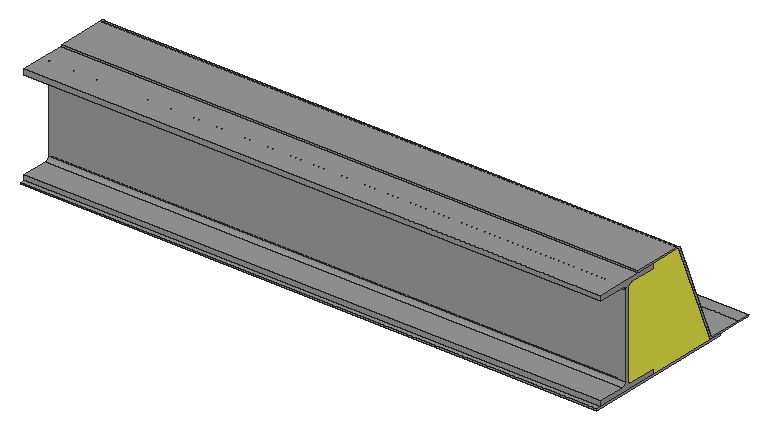
Revit family "XK 90 215 WIL", category Generic Models, Revit 2014
Parameters (values of type "Max lintel length 6600mm")
  URL = "http://www.keystonelintels.co.uk"
  Structural Opening [instance] = 900 mm
  Structural Performance = "The Keystone lintel range has safe working loads as detailed in each applicable loading table in the Keystone Lintel Guide brochure. The structural performance figures within each table have been ascertained by testing in accordance with the requirements of standards BS EN 5977-2: 1983 and BS EN 845-2: 2003."
  RIBA Productor Selector = "available for Keystone Lintels Ltd from Keystone Lintels Ltd from ribaproductselector.com"
  Model = "X/K 90 215 WIL"
  Min Length = 600 mm
  Min Clear Span = 300 mm
  Max Length = 6600 mm
  Max Clear Span = 6600 mm
  Material - Stainless Steel = "Grade 304 2b 1.4307 to BS EN 10088-2. Other grades available on request: contact manufacturer."
  Material - Galvanised Steel = "To BS EN 10346: 2009. DX51D plus Z600 or grade Z275 to BS 5977-2: 1983 (BS EN 845-2: 2003)."
  Manufacturer = "Keystone"
  Manufactured Length [instance] = (roundup(Effective Length / 150 mm) * 150 mm)  # 1200 mm
  Lintel height [instance] = 2100 mm
  Keynote = "F30/755"
  Fire Performance = "Keystone lintels have been subjected to a fire test (WARRES No. 101263) in accordance with BS 476-20: 1987, at Exova Warrington Fire and achieved a one hour fire performance."
  End Bearing = 150 mm
  Effective Length [instance] = Clear Opening with MIN MAX set + End Bearing * 2  # 1200 mm
  Corrosion = "Keystone’s standard range of lintels are manufactured from high quality grade pre-galvanized carbon steel with a zinc coating of 600"
  Contact Tel = "+44 (0)28 8676 2184"
  Contact Email = "info@keystonelintels.co.uk"
  Clear Opening with MIN MAX set [instance] = if(Structural Opening < Min Clear Span, Min Clear Span, (if(Structural Opening > Max Clear Span, Max Clear Span, Structural Opening)))  # 900 mm
  CPD Information = "Available for Keystone Lintels Ltd from ribacpd.com"
Reference planes
  plane 1 "Center (Front/Back)": y = 0
  plane 2: z = 0
  plane 3 "Center (Left/Right)": x = 0
  plane 4: x = -600
  plane 5: x = 600
  plane 6: z = 2100
  plane 7: x = -450
  plane 8: x = 450
Forms (mm)
  Extrusion 1, solid, material "Steel"
    sketch origin (0, 769.552, -506.84) x (0, 1, 0) y (0, 0, 1)
      loop
        line (-520.575, 2605.978) -> (-520.52, 2609.178) -> (-545.505, 2610.04) -> (-615.446, 2610.04)
        arc (-615.446, 2610.04) -> (-616.453, 2610.348) -> (-617.116, 2611.167) r 1.8
        line (-617.116, 2611.167) -> (-698.752, 2813.71)
        arc (-698.752, 2813.71) -> (-700.591, 2815.985) -> (-703.389, 2816.841) r 5
        line (-703.389, 2816.841) -> (-806.621, 2816.841) -> (-806.621, 2813.641) -> (-703.389, 2813.641)
        arc (-703.389, 2813.641) -> (-702.382, 2813.333) -> (-701.719, 2812.513) r 1.8
        line (-701.719, 2812.513) -> (-620.16, 2609.972)
        arc (-620.16, 2609.972) -> (-618.32, 2607.697) -> (-615.522, 2606.84) r 5
        line (-615.522, 2606.84) -> (-545.561, 2606.84) -> (-520.575, 2605.978)
    from -600 to 600
  Extrusion 2, solid, material "Steel"
    sketch origin (0, 769.552, -506.841) x (0, 1, 0) y (0, 0, 1)
      loop
        line (-903.452, 2606.841) -> (-769.552, 2606.841) -> (-769.552, 2616.441) -> (-825.702, 2616.441)
        arc (-825.702, 2616.441) -> (-831.076, 2618.667) -> (-833.302, 2624.041) r 7.6
        line (-833.302, 2624.041) -> (-833.302, 2796.441)
        arc (-833.302, 2796.441) -> (-831.076, 2801.815) -> (-825.702, 2804.041) r 7.6
        line (-825.702, 2804.041) -> (-769.552, 2804.041) -> (-769.552, 2813.641) -> (-903.452, 2813.641) -> (-903.452, 2804.041) -> (-847.302, 2804.041)
        arc (-847.302, 2804.041) -> (-841.928, 2801.815) -> (-839.702, 2796.441) r 7.6
        line (-839.702, 2796.441) -> (-839.702, 2624.041)
        arc (-839.702, 2624.041) -> (-841.928, 2618.667) -> (-847.302, 2616.441) r 7.6
        line (-847.302, 2616.441) -> (-903.452, 2616.441) -> (-903.452, 2606.841)
    from -600 to 600
  Extrusion 3, solid, material "Steel"
    sketch origin (0, 769.552, -506.841) x (0, 1, 0) y (0, 0, 1)
      loop
        line (-594.452, 2603.641) -> (-594.452, 2606.841) -> (-913.452, 2606.841) -> (-913.452, 2603.641) -> (-594.452, 2603.641)
    from -600 to 600
  Extrusion 4, solid, material "Insulation"
    sketch origin (0, 769.552, -506.841) x (0, 1, 0) y (0, 0, 1)
      loop
        line (-769.552, 2606.841) -> (-615.619, 2606.841)
        arc (-615.619, 2606.841) -> (-618.361, 2607.724) -> (-620.16, 2609.972) r 5
        line (-620.16, 2609.972) -> (-701.719, 2812.513)
        arc (-701.719, 2812.513) -> (-702.382, 2813.333) -> (-703.389, 2813.641) r 1.8
        line (-703.389, 2813.641) -> (-769.552, 2813.641) -> (-769.552, 2804.041) -> (-825.702, 2804.041)
        arc (-825.702, 2804.041) -> (-831.076, 2801.815) -> (-833.302, 2796.441) r 7.6
        line (-833.302, 2796.441) -> (-833.302, 2624.041)
        arc (-833.302, 2624.041) -> (-831.076, 2618.667) -> (-825.702, 2616.441) r 7.6
        line (-825.702, 2616.441) -> (-769.552, 2616.441) -> (-769.552, 2606.841)
    from -600 to 600
  Extrusion 5, solid, not visible
    sketch origin (0, 934.779, 1239.581) x (0, 1, 0) y (0, 0, 1)
      loop
        line (-520.575, 1005.978) -> (-520.52, 1009.178) -> (-545.505, 1010.04) -> (-615.446, 1010.04)
        arc (-615.446, 1010.04) -> (-616.453, 1010.348) -> (-617.116, 1011.167) r 1.8
        line (-617.116, 1011.167) -> (-698.752, 1213.71)
        arc (-698.752, 1213.71) -> (-700.591, 1215.985) -> (-703.389, 1216.841) r 5
        line (-703.389, 1216.841) -> (-806.621, 1216.841) -> (-806.621, 1213.641) -> (-703.389, 1213.641)
        arc (-703.389, 1213.641) -> (-702.382, 1213.333) -> (-701.719, 1212.513) r 1.8
        line (-701.719, 1212.513) -> (-620.16, 1009.972)
        arc (-620.16, 1009.972) -> (-618.32, 1007.697) -> (-615.522, 1006.84) r 5
        line (-615.522, 1006.84) -> (-545.561, 1006.84) -> (-520.575, 1005.978)
    from 0 to 250
  Extrusion 6, solid, not visible
    sketch origin (0, 553.344, 1249.2) x (0, 1, 0) y (0, 0, 1)
      loop
        line (-903.452, 1006.841) -> (-769.552, 1006.841) -> (-769.552, 1016.441) -> (-825.702, 1016.441)
        arc (-825.702, 1016.441) -> (-831.076, 1018.667) -> (-833.302, 1024.041) r 7.6
        line (-833.302, 1024.041) -> (-833.302, 1196.441)
        arc (-833.302, 1196.441) -> (-831.076, 1201.815) -> (-825.702, 1204.041) r 7.6
        line (-825.702, 1204.041) -> (-769.552, 1204.041) -> (-769.552, 1213.641) -> (-903.452, 1213.641) -> (-903.452, 1204.041) -> (-847.302, 1204.041)
        arc (-847.302, 1204.041) -> (-841.928, 1201.815) -> (-839.702, 1196.441) r 7.6
        line (-839.702, 1196.441) -> (-839.702, 1024.041)
        arc (-839.702, 1024.041) -> (-841.928, 1018.667) -> (-847.302, 1016.441) r 7.6
        line (-847.302, 1016.441) -> (-903.452, 1016.441) -> (-903.452, 1006.841)
    from 0 to 250
  Extrusion 7, solid, not visible
    sketch origin (0, 1042.942, 1002.203) x (0, 1, 0) y (0, 0, 1)
      loop
        line (-594.452, 1003.641) -> (-594.452, 1006.841) -> (-913.452, 1006.841) -> (-913.452, 1003.641) -> (-594.452, 1003.641)
    from 0 to 250
  Extrusion 8, solid, not visible
    sketch origin (0, 584.756, 843.965) x (0, 1, 0) y (0, 0, 1)
      loop
        line (-769.552, 1006.841) -> (-615.619, 1006.841)
        arc (-615.619, 1006.841) -> (-618.361, 1007.724) -> (-620.16, 1009.972) r 5
        line (-620.16, 1009.972) -> (-701.719, 1212.513)
        arc (-701.719, 1212.513) -> (-702.382, 1213.333) -> (-703.389, 1213.641) r 1.8
        line (-703.389, 1213.641) -> (-769.552, 1213.641) -> (-769.552, 1204.041) -> (-825.702, 1204.041)
        arc (-825.702, 1204.041) -> (-831.076, 1201.815) -> (-833.302, 1196.441) r 7.6
        line (-833.302, 1196.441) -> (-833.302, 1024.041)
        arc (-833.302, 1024.041) -> (-831.076, 1018.667) -> (-825.702, 1016.441) r 7.6
        line (-825.702, 1016.441) -> (-769.552, 1016.441) -> (-769.552, 1006.841)
    from 0 to 250
Dimensions and locks
  equal spacing: plane 4, plane 3 "Center (Left/Right)", plane 5
  "Manufactured Length": plane 4 to plane 5
  "Lintel height": plane 6 to level
  "Structural Opening": plane 7 to plane 8
  equal spacing: plane 7, plane 3 "Center (Left/Right)", plane 8
  aligned and locked: level to plane 2
  aligned and locked: Extrusion 2 to plane 6
  aligned and locked: Extrusion 4 to plane 6
  aligned and locked: Extrusion 1 to plane 6
  aligned and locked: plane 6 to Extrusion 3
  aligned and locked: plane 5 to Extrusion 2
  aligned and locked: Extrusion 2 to plane 4
  aligned and locked: plane 5 to Extrusion 1
  aligned and locked: Extrusion 1 to plane 4
  aligned and locked: plane 5 to Extrusion 4
  aligned and locked: Extrusion 4 to plane 4
  aligned and locked: plane 5 to Extrusion 3
  aligned and locked: Extrusion 3 to plane 4
Automatic sketch dimensions
  Extrusion 1 sketch curve to Extrusion 1 sketch curve = 69.961 mm
  Extrusion 1 sketch curve to Extrusion 1 sketch curve = 24.985 mm
  Extrusion 1 sketch curve to Extrusion 1 sketch curve = 0.862 mm
  Extrusion 1 sketch curve to Extrusion 1 sketch curve = 0.055 mm  (x2)
  Extrusion 1 sketch curve to Extrusion 1 sketch curve = 3.2 mm  (x2)
  Extrusion 1 sketch curve to Extrusion 1 sketch curve = 0.076 mm
  Extrusion 1 sketch curve to Extrusion 1 sketch curve = 1.8 mm
  Extrusion 1 sketch curve to Extrusion 1 sketch curve = 4.714 mm
  Extrusion 1 sketch curve to Extrusion 1 sketch curve = 0 mm  (x3)
  Extrusion 1 sketch curve to Extrusion 1 sketch curve = 1.594 mm
  Extrusion 1 sketch curve to Extrusion 1 sketch curve = 83.23 mm
  Extrusion 1 sketch curve to Extrusion 1 sketch curve = 201.87 mm
  Extrusion 1 sketch curve to Extrusion 1 sketch curve = 2.968 mm
  Extrusion 1 sketch curve to Extrusion 1 sketch curve = 1.197 mm
  Extrusion 1 sketch curve to Extrusion 1 sketch curve = 1.67 mm
  Extrusion 1 sketch curve to Extrusion 1 sketch curve = 0.672 mm
  Extrusion 1 sketch curve to Extrusion 1 sketch curve = 103.232 mm
  Extrusion 2 sketch curve to Extrusion 2 sketch curve = 133.9 mm
  Extrusion 2 sketch curve to Extrusion 2 sketch curve = 9.6 mm  (x2)
  Extrusion 2 sketch curve to Extrusion 2 sketch curve = 56.15 mm  (x3)
  Extrusion 2 sketch curve to Extrusion 2 sketch curve = 7.6 mm  (x5)
  Extrusion 2 sketch curve to Extrusion 2 sketch curve = 172.4 mm
  Extrusion 2 sketch curve to Extrusion 2 sketch curve = 14 mm
  Extrusion 2 sketch curve to Extrusion 2 sketch curve = 0 mm
  Extrusion 3 sketch curve to Extrusion 3 sketch curve = 319 mm
  Extrusion 3 sketch curve to Extrusion 3 sketch curve = 3.2 mm
  Extrusion 4 sketch curve to Extrusion 4 sketch curve = 1.868 mm
  Extrusion 4 sketch curve to Extrusion 4 sketch curve = 81.559 mm
  Extrusion 4 sketch curve to Extrusion 4 sketch curve = 149.392 mm
  Extrusion 4 sketch curve to Extrusion 4 sketch curve = 3.131 mm
  Extrusion 4 sketch curve to Extrusion 4 sketch curve = 202.541 mm
  Extrusion 4 sketch curve to Extrusion 4 sketch curve = 9.6 mm  (x2)
  Extrusion 4 sketch curve to Extrusion 4 sketch curve = 56.15 mm  (x2)
  Extrusion 4 sketch curve to Extrusion 4 sketch curve = 7.6 mm  (x2)
  Extrusion 4 sketch curve to Extrusion 4 sketch curve = 1.67 mm
  Extrusion 4 sketch curve to Extrusion 4 sketch curve = 0.672 mm
  Extrusion 4 sketch curve to Extrusion 4 sketch curve = 0.098 mm
  Extrusion 5 sketch curve to Extrusion 5 sketch curve = 69.961 mm
  Extrusion 5 sketch curve to Extrusion 5 sketch curve = 24.985 mm
  Extrusion 5 sketch curve to Extrusion 5 sketch curve = 0.862 mm
  Extrusion 5 sketch curve to Extrusion 5 sketch curve = 0.055 mm  (x2)
  Extrusion 5 sketch curve to Extrusion 5 sketch curve = 3.2 mm  (x2)
  Extrusion 5 sketch curve to Extrusion 5 sketch curve = 0.076 mm
  Extrusion 5 sketch curve to Extrusion 5 sketch curve = 1.8 mm
  Extrusion 5 sketch curve to Extrusion 5 sketch curve = 4.714 mm
  Extrusion 5 sketch curve to Extrusion 5 sketch curve = 0 mm  (x3)
  Extrusion 5 sketch curve to Extrusion 5 sketch curve = 1.594 mm
  Extrusion 5 sketch curve to Extrusion 5 sketch curve = 83.23 mm
  Extrusion 5 sketch curve to Extrusion 5 sketch curve = 201.87 mm
  Extrusion 5 sketch curve to Extrusion 5 sketch curve = 2.968 mm
  Extrusion 5 sketch curve to Extrusion 5 sketch curve = 1.197 mm
  Extrusion 5 sketch curve to Extrusion 5 sketch curve = 1.67 mm
  Extrusion 5 sketch curve to Extrusion 5 sketch curve = 0.672 mm
  Extrusion 5 sketch curve to Extrusion 5 sketch curve = 103.232 mm
  Extrusion 6 sketch curve to Extrusion 6 sketch curve = 133.9 mm
  Extrusion 6 sketch curve to Extrusion 6 sketch curve = 9.6 mm  (x2)
  Extrusion 6 sketch curve to Extrusion 6 sketch curve = 56.15 mm  (x3)
  Extrusion 6 sketch curve to Extrusion 6 sketch curve = 7.6 mm  (x5)
  Extrusion 6 sketch curve to Extrusion 6 sketch curve = 172.4 mm
  Extrusion 6 sketch curve to Extrusion 6 sketch curve = 14 mm
  Extrusion 6 sketch curve to Extrusion 6 sketch curve = 0 mm
  Extrusion 7 sketch curve to Extrusion 7 sketch curve = 319 mm
  Extrusion 7 sketch curve to Extrusion 7 sketch curve = 3.2 mm
  Extrusion 8 sketch curve to Extrusion 8 sketch curve = 1.868 mm
  Extrusion 8 sketch curve to Extrusion 8 sketch curve = 81.559 mm
  Extrusion 8 sketch curve to Extrusion 8 sketch curve = 149.392 mm
  Extrusion 8 sketch curve to Extrusion 8 sketch curve = 3.131 mm
  Extrusion 8 sketch curve to Extrusion 8 sketch curve = 202.541 mm
  Extrusion 8 sketch curve to Extrusion 8 sketch curve = 9.6 mm  (x2)
  Extrusion 8 sketch curve to Extrusion 8 sketch curve = 56.15 mm  (x2)
  Extrusion 8 sketch curve to Extrusion 8 sketch curve = 7.6 mm  (x2)
  Extrusion 8 sketch curve to Extrusion 8 sketch curve = 1.67 mm
  Extrusion 8 sketch curve to Extrusion 8 sketch curve = 0.672 mm
  Extrusion 8 sketch curve to Extrusion 8 sketch curve = 0.098 mm
  Extrusion 4 sketch curve to plane 1 "Center (Front/Back)" = 0 mm
  Extrusion 4 sketch curve to plane 6 = 0 mm
  Extrusion 2 sketch curve to plane 6 = 0 mm
  Extrusion 2 sketch curve to plane 1 "Center (Front/Back)" = 0 mm
  Extrusion 1 sketch curve to plane 6 = 0 mm
  plane 1 "Center (Front/Back)" to Extrusion 1 sketch curve = 37.069 mm
  Extrusion 3 sketch curve to plane 6 = 0 mm
  plane 1 "Center (Front/Back)" to Extrusion 3 sketch curve = 143.9 mm
